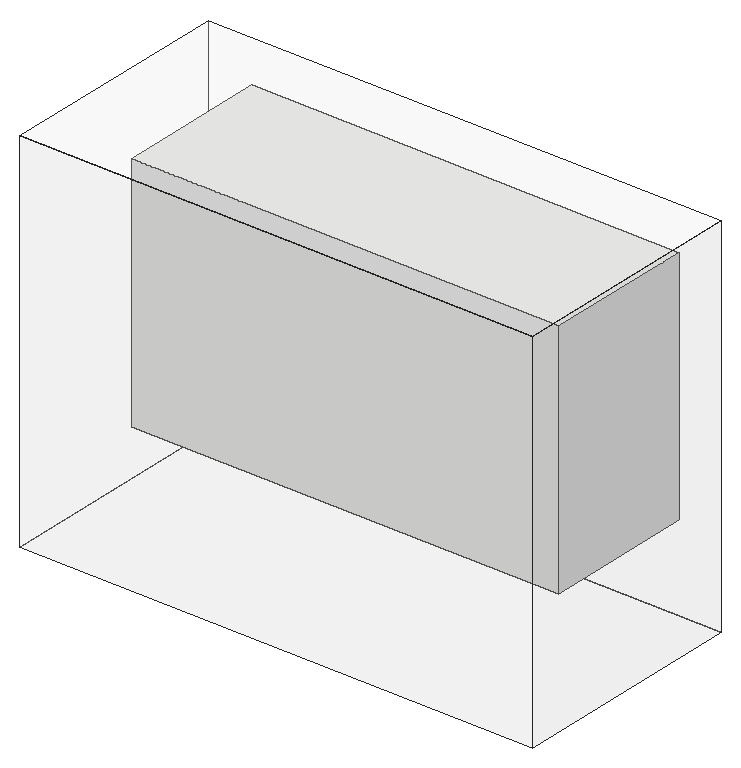
Revit family "wd-240dk2(-rc)_60Hz", category 機械設備, Revit 2019
Family settings
  丸型コネクタ寸法 = 直径を使用
  パーツ タイプ = 標準
  OmniClass 番号 = 23.75.35.17.27
  OmniClass タイトル = Centrifugal Fans
  作業面ベース = いいえ
  常に垂直 = はい
  ロード時にボイドで切り取り = いいえ
  共有 = いいえ
  部屋計算ポイント = いいえ
Parameters (values of type "WD-240DK2")
  騒音レベル(dB(A)) [instance] = 48
  風量 [instance] = 195.0 m³/h
  電源種別 [instance] = ""
  電圧 = 200 V
  電動機出力 = 0 W
  電動機_種別 [instance] = ""
  運転質量 = 0.00 kg
  連動 [instance] = ""
  質量 = if(製品質量 > 運転質量, 製品質量, 運転質量) * 1.2  # 8.88 kg
  負荷分類 = 3_ファン類
  説明 = "バス乾燥・暖房・換気システム 脱衣室暖房機"
  設計風量 [instance] = 0.0 m³/h
  設置方法 = "壁付"
  記号 [instance] = ""
  製造元 = "三菱電機株式会社"
  製品質量 = 7.40 kg
  製品出荷対象 = "国内"
  製品リリース年月 = "2022年6月1日"
  製品グループ = ""
  系統 [instance] = ""
  符号 [instance] = if(☑給気／□排気, "FS", "FE")  # "FS"
  積算_科目 = "2 換気設備"
  積算_拾い区分 [instance] = ""
  相 = 1
  盤記号 [instance] = ""
  発停方法 [instance] = ""
  特殊仕様 [instance] = ""
  メンテナンススペース = yes
  火災停止 [instance] = ""
  消費電力 = 2310 W
  法定耐用年数 = "10"
  機外静圧 [instance] = 0.0 Pa
  極数 = 3
  材質 [instance] = ""
  操作・制御方式 = ""
  操作・制御スイッチ = ""
  排気量 [instance] = if(☑給気／□排気, 0.0 m³/h, 設計風量)  # 0.0 m³/h
  形式 = ""
  幹線記号 [instance] = ""
  対象室 [instance] = ""
  実風量 [instance] = 0.0 m³/h
  始動方式 [instance] = "直入"
  外気量 [instance] = if(☑給気／□排気, 設計風量, 0.0 m³/h)  # 0.0 m³/h
  呼称 = ""
  周波数 = 60 Hz
  参照している仕様書等のバージョン = ""
  分類コード = "50052503100080"
  分類グループ = ""
  価格 = 132600
  企業コード = "108420"
  付属品_防振装置 = ""
  付属品 [instance] = ""
  仕様書バージョン = "Version1.0"
  モデル = "WD-240DK2"
  マテリアル = 合成樹脂(白)
  ファンの種類 = ""
  コメント [instance] = ""
  Keynote = ""
  ☑給気／□排気 [instance] = yes
  Width = 498 mm
  W1 = 122 mm
  Version = ""
  Uniclass2015Version = "Systems v1.9"
  Uniclass2015Title = "Centrifugal fans"
  Uniclass2015Code = "Pr_65_67_29_12"
  URL = "https://www.mitsubishielectric.co.jp/ldg/wink/ssl/displayProduct.do?pid=320862"
  SpecificationReference = ""
  SpecificationDescription = ""
  Revision = ""
  ProductInformation = ""
  OmniClassCode = "23-33 31 19 11 15"
  MIN風量 = 100.0 m³/h
  MIN静圧 = 0.0 Pa
  MID風量 = 195.0 m³/h
  MID静圧 = 0.0 Pa
  MAX風量 = 195.0 m³/h
  MAX静圧 = 0.0 Pa
  IfcTypeProduct = ""
  IfcProduct = ""
  IfcExportType = "PROPELLORAXIAL"
  IfcExportAs = "IfcFanType"
  Height = 280 mm
  H1 = 106 mm
  Depth = 175 mm
  D1 = 135 mm
  Clearance Top = 50 mm
  Clearance Right = 50 mm
  Clearance Left = 50 mm
  Clearance Front = 100 mm
  Clearance Bottom = 100 mm
  Clearance Back = 0 mm
  Author = "三菱電機株式会社"
Types (2, lengths in mm): name | 価格 | モデル | URL
  WD-240DK2 | 132600 | "WD-240DK2" | "https://www.mitsubishielectric.co.jp/ldg/wink/ssl/displayProduct.do?pid=320862"
  WD-240DK2-RC | 164900 | "WD-240DK2-RC" | "https://www.mitsubishielectric.co.jp/ldg/wink/ssl/displayProduct.do?pid=320863"
Reference planes
  plane 1 "中心(正面/背面)": y = 0
  plane 2: z = 0
  plane 3 "中心(左/右)": x = 0
  plane 4: x = 299
  plane 5: y = 0
  plane 6: y = -275
  plane 7: x = -249
  plane 8: x = 249
  plane 9: y = -175
  plane 10: z = 190
  plane 11: z = -140
  plane 12: x = -299
  plane 13: z = -240
  plane 14: y = -87.5
  plane 15: z = 140
Forms (mm)
  Extrusion 1, solid, material "合成樹脂(白)" <- "マテリアル", detail levels fine
    sketch origin (0, 0, 0) x (1, 0, 0) y (0, 1, 0)
      loop
        line (-249, 0) -> (-249, -175) -> (249, -175) -> (249, 0) -> (-249, 0)
    from -140 to 140
Dimensions and locks
  equal spacing: plane 7, plane 3 "中心(左/右)", plane 8
  "Width": plane 7 to plane 8
  "Clearance Left": plane 12 to plane 7
  "Depth": plane 1 "中心(正面/背面)" to plane 9
  "Clearance Front": plane 9 to plane 6
  "Clearance Back": plane 5 to plane 1 "中心(正面/背面)"
  "Clearance Right": plane 8 to plane 4
  "Clearance Bottom": plane 11 to plane 13
  equal spacing: plane 1 "中心(正面/背面)", plane 14, plane 9
  "Height": plane 15 to plane 11
  "Clearance Top": plane 10 to plane 15
  equal spacing: plane 15, level, plane 11
  aligned and locked: level to plane 2
  aligned and locked: plane 8 to Extrusion 1
  aligned and locked: Extrusion 1 to plane 9
  aligned and locked: Extrusion 1 to plane 7
  aligned and locked: Extrusion 1 to plane 11
  aligned and locked: Extrusion 1 to plane 1 "中心(正面/背面)"
  aligned and locked: plane 3 "中心(左/右)" to nested 1
  aligned and locked: nested 1 to plane 14
  aligned and locked: plane 15 to Extrusion 1
  aligned and locked: nested 2 to plane 6
  aligned and locked: nested 2 to plane 5
  aligned and locked: plane 12 to nested 2
  aligned and locked: plane 4 to nested 2
  aligned and locked: plane 13 to nested 2
  aligned and locked: plane 10 to nested 2
Automatic sketch dimensions
  Extrusion 1 sketch curve to plane 3 "中心(左/右)" = 249 mm
  plane 3 "中心(左/右)" to Extrusion 1 sketch curve = 249 mm
  plane 1 "中心(正面/背面)" to Extrusion 1 sketch curve = 175 mm
  Extrusion 1 sketch curve to plane 1 "中心(正面/背面)" = 0 mm
Nested families
  nested 1: "記号_天井換気扇_平面" at (0, -87.5, 0), type "記号_天井換気扇_平面", detail levels coarse+medium
  nested 2: "メンテナンススペース" at (0, -137.5, -25), visible <- "メンテナンススペース", type "メンテナンススペース"
    with Width 598 mm, Height 430 mm, Depth 275 mm
Connectors
  electrical at (0, 0, 0), driven by "極数", driven by "電圧", driven by "消費電力"
    settings: on Extrusion 1, index 1, voltage 200 V, apparent load 2310 VA, apparent load phase1 0 VA, apparent load phase2 0 VA, apparent load phase3 0 VA, power factor 1, load classification "その他", number of poles 3, system type 30, power factor state 1, is connector primary yes, connector utility no, sub classification motor no, connector description ""
Definition of nested family "メンテナンススペース"
  Parameters (values of type "メンテナンススペース")
    Width [instance] = 500 mm
    Height [instance] = 500 mm
    Depth [instance] = 500 mm
  Reference planes
    plane 1 "中心(正面/背面)": y = 0
    plane 2: z = 0
    plane 3 "中心(左/右)": x = 0
    plane 4: y = -250
    plane 5: x = 250
    plane 6: y = 250
    plane 7: x = -250
    plane 8: z = 250
    plane 9: z = -250
  Forms (mm)
    Extrusion 1, solid
      sketch origin (-638.939, 0, 72.39) x (1, 0, 0) y (0, 1, 0)
        loop
          line (388.939, 250) -> (388.939, -250) -> (888.939, -250) -> (888.939, 250) -> (388.939, 250)
      from -322.39 to 177.61
  Lines and regions (mm)
    symbolic lines
      curve 1: line (-250, 0, 250) -> (250, 0, 250)
      curve 2: line (-250, 0, -250) -> (-250, 0, 250)
      curve 3: line (250, 0, -250) -> (-250, 0, -250)
      curve 4: line (250, 0, 250) -> (250, 0, -250)
      curve 5: line (0, -250, 250) -> (0, 250, 250)
      curve 6: line (0, -250, -250) -> (0, -250, 250)
      curve 7: line (0, 250, -250) -> (0, -250, -250)
      curve 8: line (0, 250, 250) -> (0, 250, -250)
      curve 9: line (-250, 250, 0) -> (250, 250, 0)
      curve 10: line (-250, -250, 0) -> (-250, 250, 0)
      curve 11: line (250, -250, 0) -> (-250, -250, 0)
      curve 12: line (250, 250, 0) -> (250, -250, 0)
  Dimensions and locks
    equal spacing: plane 7, plane 3 "中心(左/右)", plane 5
    equal spacing: plane 4, plane 1 "中心(正面/背面)", plane 6
    "Depth": plane 4 to plane 6
    "Width": plane 7 to plane 5
    equal spacing: plane 8, plane 2, plane 9
    "Height": plane 8 to plane 9
    aligned and locked: plane 9 to curve 3
    aligned and locked: plane 7 to curve 2
    aligned and locked: curve 4 to plane 5
    aligned and locked: plane 5 to Extrusion 1
    aligned and locked: Extrusion 1 to plane 7
    aligned and locked: Extrusion 1 to plane 9
    aligned and locked: plane 8 to Extrusion 1
    aligned and locked: plane 9 to curve 7
  Automatic sketch dimensions
    plane 4 to Extrusion 1 sketch curve = 0 mm
    Extrusion 1 sketch curve to plane 7 = 0 mm
    Extrusion 1 sketch curve to plane 5 = 0 mm
    plane 6 to Extrusion 1 sketch curve = 0 mm
    curve 2 to plane 8 = 0 mm
    plane 4 to curve 11 = 0 mm
    curve 11 to plane 7 = 0 mm
    curve 11 to plane 5 = 0 mm
    plane 6 to curve 10 = 0 mm
    curve 7 to plane 4 = 0 mm
    curve 7 to plane 6 = 0 mm
    curve 6 to plane 8 = 0 mm
Definition of nested family "記号_天井換気扇_平面"
  Reference planes
    plane 1: y = 0
    plane 2: x = 0
  Lines and regions (mm)
    detail lines
      curve 1: line (-2.5, 2.5, 0) -> (2.5, 2.5, 0)
      curve 2: line (-2.5, -2.5, 0) -> (-2.5, 2.5, 0)
      curve 3: line (2.5, -2.5, 0) -> (-2.5, -2.5, 0)
      curve 4: line (2.5, 2.5, 0) -> (2.5, -2.5, 0)
      curve 5: circle (-1.04, -1.04, 0) r 1.46 normal (0, 0, 1)
      curve 6: circle (1.04, 1.04, 0) r 1.46 normal (0, 0, 1)
      curve 7: line (-3.125, 3.125, 0) -> (3.125, 3.125, 0)
      curve 8: line (-3.125, -3.125, 0) -> (-3.125, 3.125, 0)
      curve 9: line (3.125, -3.125, 0) -> (-3.125, -3.125, 0)
      curve 10: line (3.125, 3.125, 0) -> (3.125, -3.125, 0)
      curve 11: circle (1.295, 1.295, 0) r 1.83 normal (0, 0, 1)
      curve 12: circle (-1.295, -1.295, 0) r 1.83 normal (0, 0, 1)
      curve 13: line (-2, 2, 0) -> (2, 2, 0)
      curve 14: line (-2, -2, 0) -> (-2, 2, 0)
      curve 15: line (2, -2, 0) -> (-2, -2, 0)
      curve 16: line (2, 2, 0) -> (2, -2, 0)
      curve 17: circle (0.84, 0.84, 0) r 1.16 normal (0, 0, 1)
      curve 18: circle (-0.84, -0.84, 0) r 1.2 normal (0, 0, 1)
